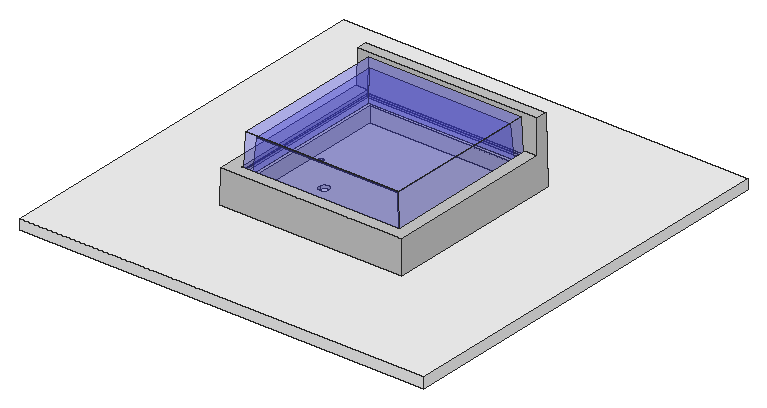
Revit family "BE_24132_de_DE", category Leuchten, Revit 2020
Family settings
  Basisbauteil = Fläche
  Bemaßung runder Anschluss = Durchmesser verwenden
  Teiletyp = Normal
  Beim Laden mit Abzugskörper schneiden = Ja
  Lichtquelle = Ja
  Gemeinsam genutzt = Nein
  Raumberechnungspunkt = Ja
Parameters (values of type "BEGA_24132_Silber_K4")
  built-in parameter 1150104 = 19.826 (stored number, unit not read)
  Wattage = 5.6 W
  Default Elevation = 0 mm
  built-in parameter 1150113 = 1 (stored number, unit not read)
  built-in parameter 1114218 = 1 (stored number, unit not read)
  Umgebungstemperatur = "25 °C"
  URL = "https://www.bega.com/de/produkt/24132"
  Typenkommentare = "© 2022 BEGA. Wir behalten uns das Recht vor, technische Änderungen ohne vorherige Ankündigung vorzunehmen."  # constant formula
  Type Image = 24132.png
  built-in parameter 1150134 = 12
  built-in parameter 1150109 = 1 (stored number, unit not read)
  Strom = ""
  built-in parameter 1150110 = 1 (stored number, unit not read)
  Spannung = 239.996 V
  Sonderanfertigung = no
  Seriennummer [instance] = "Hier können Sie die eindeutige Seriennummer für das Facility Management eintragen."
  Schutzklasse = "I"
  Schutzart = "IP 65"
  Scheinlast = 0 VA
  Produktdatenblatt = "https://cdn.bega.com/bega/products/24132AK4/current/documents/data-sheets/de"
  Oberflächentemperatur = ""
  Neigungswinkel = 0.00°
  Modell = "24132AK4"
  Material_17 = BEGA_Reflektor
  Material_15 = BEGA_Leuchtmedium_matt
  Material_11 = BEGA_Glas_opal
  Material_09 = BEGA_Glas_klar
  Material_06 = BEGA_Oberfläche_Edelstahl_gebürstet
  Material_03 = BEGA_Oberfläche_Weiss_matt
  Material_02 = BEGA_Oberfläche_Silber_matt
  Material_01 [instance] = BEGA_Oberfläche_Grafit_matt
  M_W = no
  M_G = no
  M_A = yes
  Logo = 0
  built-in parameter 1114217 = 1 (stored number, unit not read)
  built-in parameter 1150139 = (empty or 0)
  built-in parameter 1150105 = 95.098 (stored number, unit not read)
  built-in parameter 1150114 = 1 (stored number, unit not read)
  Lumens = 1195.04 lm
  built-in parameter 1150115 = 1 (stored number, unit not read)
  Leuchtenlichtstrom = "588 lm"
  Leuchtenanzahl = ""
  Lebensdauerkriterien = "L70B50 @ 25 °C = 200000 h"
  Lastklassifizierung = Beleuchtung
  built-in parameter 1150112 = 1 (stored number, unit not read)
  Lampenlichtstrom = "1195 lm"
  Lampe = "LED 5.6 W"
  LED_Modulbezeichnung = "LED-0357/840"
  built-in parameter 1150142 = (empty or 0)
  Hersteller = "BEGA"  # constant formula
  Halbstreuwinkel = ""
  Gewicht = "1.8 kg"
  Gebrauchslageneinschränkung [instance] = ""
  Frequenz = "0/50-60 Hz"
  Farbwiedergabeindex = "CRI > 80"
  Farbtemperaturverschiebung bei Dämpfen der Lampe = <Keine Auswahl>
  Farbtemperatur = "4000 K"
  Color Filter = 16777215
  built-in parameter 1150133 = 10 (stored number, unit not read)
  Energieeffizienzklasse = "LED A++ - A"
  built-in parameter 1150137 = (empty or 0)
  built-in parameter 1150132 = (empty or 0)
  ENEC = "ja"
  Datei für fotometrisches Netz = "BE_24132K4.IES"
  CE_Konformität = "ja"
  Bestellnummer = "24132AK4"
  Beschreibung_Sonderanfertigung = "Hier können Sie Informationen zur Sonderanfertigung eintragen."
  Beschreibung = "Wandleuchte"
  built-in parameter 1150106 = 0.95098 (stored number, unit not read)
  Befestigungsbohrung = "Ø 5 mm"
  Befestigungsabstand = "125 mm"
  Ballwurfsicher = ""
  BEGA_Intern_aus = yes
  BEGA_Intern_an = yes
  BEGA_Intern_Konstruktion = yes
  BEGA_Intern = yes
  BEGA_IES = yes
  BEGA_Dummy = no
  Anschlussleitung = ""
  Anschlussleistung [instance] = "6.6 W"
  built-in parameter 1150107 = 4000 (stored number, unit not read)
  built-in parameter 1150102 = (empty or 0)
  built-in parameter 1150138 = (empty or 0)
  Aktualisierung = "2022-05-18T04:00:07"
  Abstand_zur_angestrahlten_Fläche [instance] = ""
  AC/DC = "AC/DC"
Types (4, lengths in mm): name | built-in parameter 1150104 | built-in parameter 1150134 | Modell | M_G | M_A | built-in parameter 1150105 | Lumens | Leuchtenlichtstrom | Lampenlichtstrom | LED_Modulbezeichnung | Farbtemperatur | Datei für fotometrisches Netz | Bestellnummer | built-in parameter 1150106 | built-in parameter 1150107
  BEGA_24132_Silber_K4 | 19.826 (stored number, unit not read) | 12 | "24132AK4" | no | yes | 95.098 (stored number, unit not read) | 1195.04 lm | "588 lm" | "1195 lm" | "LED-0357/840" | "4000 K" | "BE_24132K4.IES" | "24132AK4" | 0.95098 (stored number, unit not read) | 4000 (stored number, unit not read)
  BEGA_24132_Grafit_K3 | 19.324 (stored number, unit not read) | (empty or 0) | "24132K3" | yes | no | 92.692 (stored number, unit not read) | 1164.8 lm | "575 lm" | "1165 lm" | "LED-0357/830" | "3000 K" | "BE_24132K3.IES" | "24132K3" | 0.92692 (stored number, unit not read) | 3000 (stored number, unit not read)
  BEGA_24132_Grafit_K4 | 19.826 (stored number, unit not read) | 12 | "24132K4" | yes | no | 95.098 (stored number, unit not read) | 1195.04 lm | "588 lm" | "1195 lm" | "LED-0357/840" | "4000 K" | "BE_24132K4.IES" | "24132K4" | 0.95098 (stored number, unit not read) | 4000 (stored number, unit not read)
  BEGA_24132_Silber_K3 | 19.324 (stored number, unit not read) | (empty or 0) | "24132AK3" | no | yes | 92.692 (stored number, unit not read) | 1164.8 lm | "575 lm" | "1165 lm" | "LED-0357/830" | "3000 K" | "BE_24132K3.IES" | "24132AK3" | 0.92692 (stored number, unit not read) | 3000 (stored number, unit not read)
Reference planes
  plane 1 "Mitte (Vorne/Hinten)": y = 0
  plane 2: z = 0
  plane 3 "Mitte (Links/Rechts)": x = 0
  plane 4 "Links": x = -90
  plane 5 "Rechts": x = 90
  plane 6 "Unten": y = -90
  plane 7 "Vorne": z = 68.2
  plane 8 "Hinten": z = 0
Forms (mm)
  Extrusion 1, solid, material "BEGA_Platte_Weiss"
    sketch origin (0, -1119.2, 0) x (1, 0, 0) y (0, 1, 0)
      loop
        line (-200, 1319.2) -> (-200, 919.2) -> (200, 919.2) -> (200, 1319.2) -> (-200, 1319.2)
    from 0 to -10
  Extrusion 2, solid, material "BEGA_Dummy_matt", visible <- "BEGA_Dummy"
    sketch origin (80.095, -76.023, 0) x (1, 0, 0) y (0, 1, 0)
      loop
        line (-170.095, 166.023) -> (-170.095, -13.977) -> (9.905, -13.977) -> (9.905, 166.023) -> (-170.095, 166.023)
    from 0 to 68.2
Dimensions and locks
  plane 1 "Mitte (Vorne/Hinten)" to Extrusion 1 = 200 mm
  aligned and locked: plane 2 to Extrusion 1
  aligned and locked: level to Extrusion 1
Nested families
  nested 1: "BE_24132" at (0, 0, 0), type "BE_24132"
Definition of nested family "BE_24132"
  Parameters (values of type "BE_24132")
    Default Elevation = 1 mm
    URL = "http://www.bega.de/de/produkt"
    Type Comments = "© 2015 BEGA. Wir behalten uns das Recht vor, technische Änderungen ohne vorherige Ankündigung vorzunehmen. "  # constant formula
    Type Image = (empty or 0)
    Neigungswinkel_um_Z2 = 0.00°
    Neigungswinkel_um_Z1 = 0.00°
    Neigungswinkel_um_Y2 = 0.00°
    Neigungswinkel_um_Y1 = 0.00°
    Neigungswinkel_um_X2 = 0.00°
    Neigungswinkel_um_X1 = 0.00°
    Material_17 = none
    Material_15 = none
    Material_11 = none
    Material_09 = none
    Material_06 = none
    Material_02 = none
    Material_01 = none
    M_W = yes
    M_G = yes
    M_A = yes
    Länge_Platte = 200 mm  # constant formula
    Höhe_Platte = -10 mm  # constant formula
    Manufacturer = "BEGA"  # constant formula
    Drehwinkel_um_Z2 = 0.00°
    Drehwinkel_um_Z1 = 0.00°
    Breite_Platte = 200 mm  # constant formula
  Reference planes
    plane 1 "Mitte (Oben/Unten)": y = 0
    plane 2: z = 0
    plane 3 "Mitte (Links/Rechts)": x = 0
    plane 4 "Vorne": z = 68.2
    plane 5 "Hinten": z = -20
    plane 6 "Links": x = -90
    plane 7 "Rechts": x = 90
    plane 8 "Oben": y = 90
    plane 9 "Unten": y = -90
  Forms (mm)
    Extrusion 1, solid, detail levels medium
      sketch origin (0, 0, 0) x (1, 0, 0) y (0, 1, 0)
        loop
          line (-100, 100) -> (-100, -100) -> (100, -100) -> (100, 100) -> (-100, 100)
      from 0 to -10 <- "Höhe_Platte"
    Sweep 2, solid, material <- "Material_01", visible <- "M_G"
      path origin (0, 0, 0) x (1, 0, 0) y (0, 1, 0)
        loop
          line (84.3, -84.3) -> (84.3, 84.3) -> (-84.3, 84.3) -> (-84.3, -84.3) -> (84.3, -84.3)
      profile origin (0, -84.3, 0) x (0, -1, 0) y (0, 0, 1)
        loop
          line (5.7, 2.7) -> (5.133, 35.2) -> (-6.45, 35.2) -> (-6.506, 32) -> (-1.242, 32) -> (-0.8, 6.7) -> (2.36, 6.7) -> (2.5, 2.7) -> (5.7, 2.7)
    Sweep 3, solid, material <- "Material_01"
      path origin (0, 0, 0) x (1, 0, 0) y (0, 1, 0)
        loop
          line (84.3, 84.3) -> (-84.3, 84.3) -> (-84.3, -84.3) -> (84.3, -84.3) -> (84.3, 84.3)
      profile origin (0, 84.3, 0) x (0, -1, 0) y (0, 0, 1)
        loop
          line (12.817, 25.5) -> (3.345, 25.5) -> (2.832, 10.8) -> (0.189, 10.8) -> (0, 0) -> (2.4, 0) -> (2.5, 5.7) -> (7.2, 5.7) -> (7.623, 17.8) -> (10.684, 17.8) -> (10.988, 9.1) -> (57.036, 9.1) -> (57.036, 11.5) -> (13.306, 11.5) -> (12.817, 25.5)
    Sweep 4, solid, material <- "Material_11"
      path origin (0, 0, 0) x (1, 0, 0) y (0, 1, 0)
        loop
          line (84.3, 84.3) -> (-84.3, 84.3) -> (-84.3, -84.3) -> (84.3, -84.3) -> (84.3, 84.3)
      profile origin (0, 84.3, 0) x (0, -1, 0) y (0, 0, 1)
        loop
          line (7.3, 32) -> (2.8, 32) -> (2.8, 27) -> (12.541, 27) -> (14.281, 60.2) -> (29.968, 60.2) -> (29.968, 65.7) -> (8.477, 65.7) -> (7.3, 32)
    Extrusion 5, solid, material <- "Material_11"
      sketch origin (0, 0, 0) x (1, 0, 0) y (0, 1, 0)
        loop
          line (-54.332, 54.332) -> (-54.332, -54.332) -> (54.332, -54.332) -> (54.332, 54.332) -> (-54.332, 54.332)
      from 60.2 to 65.7
    Extrusion 6, solid, material <- "Material_01", visible <- "M_G"
      sketch origin (0, 0, 0) x (0, 1, 0) y (0, 0, 1)
        loop
          line (77.85, 35.2) -> (89.433, 35.2) -> (88.857, 68.2) -> (78.426, 68.2) -> (77.85, 35.2)
      from -92.553 to 93.675
    Sweep 7, solid, material <- "Material_02"
      path origin (0, 0, 0) x (1, 0, 0) y (0, 1, 0)
        loop
          line (84.3, -84.3) -> (84.3, 84.3) -> (-84.3, 84.3) -> (-84.3, -84.3) -> (84.3, -84.3)
      profile origin (0, -84.3, 0) x (0, -1, 0) y (0, 0, 1)
        loop
          line (5.7, 2.7) -> (5.133, 35.2) -> (-6.45, 35.2) -> (-6.506, 32) -> (-1.242, 32) -> (-0.8, 6.7) -> (2.36, 6.7) -> (2.5, 2.7) -> (5.7, 2.7)
    Extrusion 8, solid, material <- "Material_02"
      sketch origin (0, 0, 0) x (0, 1, 0) y (0, 0, 1)
        loop
          line (77.85, 35.2) -> (89.433, 35.2) -> (88.857, 68.2) -> (78.426, 68.2) -> (77.85, 35.2)
      from -92.553 to 93.675
    Extrusion 9, void
      sketch origin (0, 0, 0) x (1, 0, 0) y (0, 0, 1)
        loop
          line (-88.829, 69.782) -> (-100, 69.782) -> (-100, 29.782) -> (-89.527, 29.782) -> (-88.829, 69.782)
        loop
          line (88.829, 69.782) -> (89.527, 29.782) -> (100, 29.782) -> (100, 69.782) -> (88.829, 69.782)
      from -93.439 to -75.3
    Extrusion 10, solid, material <- "Material_01"
      sketch origin (0, 0, 0) x (1, 0, 0) y (0, 1, 0)
        loop
          line (-27.264, 27.264) -> (-27.264, -27.264) -> (27.264, -27.264) -> (27.264, 27.264) -> (-27.264, 27.264)
      from 9.1 to 11.5
    Sweep 11, solid, material <- "Material_02", visible <- "M_A"
      path origin (0, 0, 0) x (1, 0, 0) y (0, 1, 0)
        loop
          line (84.3, 84.3) -> (-84.3, 84.3) -> (-84.3, -84.3) -> (84.3, -84.3) -> (84.3, 84.3)
      profile origin (0, 84.3, 0) x (0, -1, 0) y (0, 0, 1)
        loop
          line (12.817, 25.5) -> (3.345, 25.5) -> (2.832, 10.8) -> (0.189, 10.8) -> (0, 0) -> (2.4, 0) -> (2.5, 5.7) -> (7.2, 5.7) -> (7.623, 17.8) -> (10.684, 17.8) -> (10.988, 9.1) -> (57.036, 9.1) -> (57.036, 11.5) -> (13.306, 11.5) -> (12.817, 25.5)
    Extrusion 12, solid, material <- "Material_02", visible <- "M_A"
      sketch origin (0, 0, 0) x (1, 0, 0) y (0, 1, 0)
        loop
          line (-27.264, 27.264) -> (-27.264, -27.264) -> (27.264, -27.264) -> (27.264, 27.264) -> (-27.264, 27.264)
      from 9.1 to 11.5
    Extrusion 13, void
      sketch origin (0, 0, 0) x (1, 0, 0) y (0, 1, 0)
        loop
          circle (-33, -32) r 5.001
        loop
          circle (-33, -57) r 5.001
      from 5.7 to 14.3
    Extrusion 14, void
      sketch origin (0, 0, 0) x (1, 0, 0) y (0, 1, 0)
        loop
          circle (62.5, 0) r 3.044
        loop
          circle (-62.5, 0) r 3.044
      from 0 to 17.8
  Cuts and joins
    Extrusion 13, Extrusion 14 cuts Sweep 4
    Extrusion 13, Extrusion 14 cuts Extrusion 5
    joined: Sweep 4, Extrusion 5
    Extrusion 9 cuts Sweep 2
    Extrusion 9 cuts Extrusion 6
    joined: Sweep 2, Extrusion 6
    Extrusion 9 cuts Sweep 7
    Extrusion 9 cuts Extrusion 8
    joined: Sweep 7, Extrusion 8
    Extrusion 13, Extrusion 14 cuts Sweep 3
    Extrusion 13, Extrusion 14 cuts Extrusion 10
    joined: Sweep 3, Extrusion 10
    Extrusion 13, Extrusion 14 cuts Sweep 11
    Extrusion 13, Extrusion 14 cuts Extrusion 12
    joined: Sweep 11, Extrusion 12
  Dimensions and locks
    equal spacing: Extrusion 1 sketch curve, plane 3 "Mitte (Links/Rechts)", Extrusion 1 sketch curve
    equal spacing: Extrusion 1 sketch curve, plane 1 "Mitte (Oben/Unten)", Extrusion 1 sketch curve
    "Länge_Platte": Extrusion 1 sketch curve to Extrusion 1 sketch curve
    "Breite_Platte": Extrusion 1 sketch curve to Extrusion 1 sketch curve
    aligned and locked: plane 2 to Extrusion 1
    aligned and locked: level to Extrusion 1
  Automatic sketch dimensions
    Sweep 2 sketch curve to plane 3 "Mitte (Links/Rechts)" = 84.3 mm
    plane 3 "Mitte (Links/Rechts)" to Sweep 2 sketch curve = 84.3 mm
    Sweep 2 sketch curve to plane 1 "Mitte (Oben/Unten)" = 84.3 mm
    plane 1 "Mitte (Oben/Unten)" to Sweep 2 sketch curve = 84.3 mm
    profile plane to Sweep 2 sketch curve = 6.506 mm
    profile plane to Sweep 2 sketch curve = 1.242 mm
    profile plane to Sweep 2 sketch curve = 0.8 mm
    Sweep 2 sketch curve to profile plane = 2.36 mm
    Sweep 2 sketch curve to profile plane = 2.5 mm
    Sweep 2 sketch curve to profile plane = 5.133 mm
    level to Sweep 2 sketch curve = 2.7 mm
    Sweep 2 sketch curve to Sweep 2 sketch curve = 3.2 mm  (x2)
    Sweep 2 sketch curve to Sweep 2 sketch curve = 4 mm
    Sweep 2 sketch curve to Sweep 2 sketch curve = 25.3 mm
    Sweep 2 sketch curve to Sweep 2 sketch curve = 0.056 mm
    plane 3 "Mitte (Links/Rechts)" to Sweep 3 sketch curve = 84.3 mm
    Sweep 3 sketch curve to plane 3 "Mitte (Links/Rechts)" = 84.3 mm
    Sweep 3 sketch curve to plane 1 "Mitte (Oben/Unten)" = 84.3 mm
    plane 1 "Mitte (Oben/Unten)" to Sweep 3 sketch curve = 84.3 mm
    Sweep 3 sketch curve to level = 0 mm
    Sweep 3 sketch curve to profile plane = 0 mm
    Sweep 3 sketch curve to profile plane = 0.189 mm
    Sweep 3 sketch curve to profile plane = 2.4 mm
    Sweep 3 sketch curve to profile plane = 2.5 mm
    Sweep 3 sketch curve to Sweep 3 sketch curve = 2.644 mm
    Sweep 3 sketch curve to profile plane = 3.345 mm
    Sweep 3 sketch curve to Sweep 3 sketch curve = 4.7 mm
    Sweep 3 sketch curve to profile plane = 7.623 mm
    Sweep 3 sketch curve to Sweep 3 sketch curve = 3.061 mm
    Sweep 3 sketch curve to Sweep 3 sketch curve = 3.788 mm
    Sweep 3 sketch curve to Sweep 3 sketch curve = 2.133 mm
    Sweep 3 sketch curve to Sweep 3 sketch curve = 2.318 mm
    level to Sweep 3 sketch curve = 11.5 mm
    Sweep 3 sketch curve to Sweep 3 sketch curve = 43.73 mm
    level to Sweep 3 sketch curve = 5.7 mm
    Sweep 3 sketch curve to Sweep 3 sketch curve = 2.4 mm
    Sweep 3 sketch curve to Sweep 3 sketch curve = 5.1 mm
    Sweep 3 sketch curve to Sweep 3 sketch curve = 6.3 mm
    Sweep 3 sketch curve to Sweep 3 sketch curve = 7.7 mm
    Sweep 4 sketch curve to plane 3 "Mitte (Links/Rechts)" = 84.3 mm
    plane 3 "Mitte (Links/Rechts)" to Sweep 4 sketch curve = 84.3 mm
    plane 1 "Mitte (Oben/Unten)" to Sweep 4 sketch curve = 84.3 mm
    Sweep 4 sketch curve to plane 1 "Mitte (Oben/Unten)" = 84.3 mm
    Sweep 4 sketch curve to profile plane = 12.541 mm
    level to Sweep 4 sketch curve = 27 mm
    Sweep 4 sketch curve to profile plane = 8.477 mm
    Sweep 4 sketch curve to profile plane = 2.8 mm
    Sweep 4 sketch curve to Sweep 4 sketch curve = 4.5 mm
    Sweep 4 sketch curve to Sweep 4 sketch curve = 5.804 mm
    Sweep 4 sketch curve to Sweep 4 sketch curve = 15.686 mm
    Sweep 4 sketch curve to Sweep 4 sketch curve = 5 mm
    Sweep 4 sketch curve to Sweep 4 sketch curve = 28.2 mm
    Sweep 4 sketch curve to Sweep 4 sketch curve = 5.5 mm
    Extrusion 5 sketch curve to plane 3 "Mitte (Links/Rechts)" = 54.332 mm
    plane 3 "Mitte (Links/Rechts)" to Extrusion 5 sketch curve = 54.332 mm
    plane 1 "Mitte (Oben/Unten)" to Extrusion 5 sketch curve = 54.332 mm
    Extrusion 5 sketch curve to plane 1 "Mitte (Oben/Unten)" = 54.332 mm
    Extrusion 6 sketch curve to plane 1 "Mitte (Oben/Unten)" = 77.85 mm
    Extrusion 6 sketch curve to Extrusion 6 sketch curve = 0.576 mm
    Extrusion 6 sketch curve to Extrusion 6 sketch curve = 10.431 mm
    Extrusion 6 sketch curve to Extrusion 6 sketch curve = 11.583 mm
    level to Extrusion 6 sketch curve = 35.2 mm
    Extrusion 6 sketch curve to Extrusion 6 sketch curve = 33 mm
    Sweep 7 sketch curve to plane 3 "Mitte (Links/Rechts)" = 84.3 mm
    plane 3 "Mitte (Links/Rechts)" to Sweep 7 sketch curve = 84.3 mm
    plane 1 "Mitte (Oben/Unten)" to Sweep 7 sketch curve = 84.3 mm
    Sweep 7 sketch curve to plane 1 "Mitte (Oben/Unten)" = 84.3 mm
    profile plane to Sweep 7 sketch curve = 6.506 mm
    Sweep 7 sketch curve to Sweep 7 sketch curve = 0.056 mm
    profile plane to Sweep 7 sketch curve = 1.242 mm
    profile plane to Sweep 7 sketch curve = 0.8 mm
    Sweep 7 sketch curve to profile plane = 2.36 mm
    Sweep 7 sketch curve to profile plane = 2.5 mm
    Sweep 7 sketch curve to profile plane = 5.133 mm
    level to Sweep 7 sketch curve = 2.7 mm
    Sweep 7 sketch curve to Sweep 7 sketch curve = 3.2 mm  (x2)
    Sweep 7 sketch curve to Sweep 7 sketch curve = 4 mm
    Sweep 7 sketch curve to Sweep 7 sketch curve = 25.3 mm
    level to Extrusion 8 sketch curve = 35.2 mm
    Extrusion 8 sketch curve to plane 1 "Mitte (Oben/Unten)" = 77.85 mm
    Extrusion 8 sketch curve to Extrusion 8 sketch curve = 0.576 mm
    Extrusion 8 sketch curve to Extrusion 8 sketch curve = 10.431 mm
    Extrusion 8 sketch curve to Extrusion 8 sketch curve = 11.583 mm
    Extrusion 8 sketch curve to Extrusion 8 sketch curve = 33 mm
    Extrusion 9 sketch curve to plane 3 "Mitte (Links/Rechts)" = 100 mm
    level to Extrusion 9 sketch curve = 29.782 mm  (x2)
    Extrusion 9 sketch curve to Extrusion 9 sketch curve = 10.473 mm  (x2)
    Extrusion 9 sketch curve to Extrusion 9 sketch curve = 11.171 mm
    plane 3 "Mitte (Links/Rechts)" to Extrusion 9 sketch curve = 88.829 mm
    Extrusion 9 sketch curve to Extrusion 9 sketch curve = 0.698 mm
    Extrusion 9 sketch curve to Extrusion 9 sketch curve = 40 mm  (x2)
    Extrusion 10 sketch curve to plane 3 "Mitte (Links/Rechts)" = 27.264 mm
    plane 3 "Mitte (Links/Rechts)" to Extrusion 10 sketch curve = 27.264 mm
    plane 1 "Mitte (Oben/Unten)" to Extrusion 10 sketch curve = 27.264 mm
    Extrusion 10 sketch curve to plane 1 "Mitte (Oben/Unten)" = 27.264 mm
    Sweep 11 sketch curve to plane 3 "Mitte (Links/Rechts)" = 84.3 mm
    plane 3 "Mitte (Links/Rechts)" to Sweep 11 sketch curve = 84.3 mm
    plane 1 "Mitte (Oben/Unten)" to Sweep 11 sketch curve = 84.3 mm
    Sweep 11 sketch curve to plane 1 "Mitte (Oben/Unten)" = 84.3 mm
    Sweep 11 sketch curve to level = 0 mm
    Sweep 11 sketch curve to profile plane = 0 mm
    Sweep 11 sketch curve to profile plane = 0.189 mm
    Sweep 11 sketch curve to profile plane = 2.4 mm
    Sweep 11 sketch curve to profile plane = 2.5 mm
    Sweep 11 sketch curve to Sweep 11 sketch curve = 2.644 mm
    Sweep 11 sketch curve to profile plane = 3.345 mm
    Sweep 11 sketch curve to Sweep 11 sketch curve = 4.7 mm
    Sweep 11 sketch curve to profile plane = 7.623 mm
    Sweep 11 sketch curve to Sweep 11 sketch curve = 3.061 mm
    Sweep 11 sketch curve to Sweep 11 sketch curve = 3.788 mm
    Sweep 11 sketch curve to Sweep 11 sketch curve = 2.133 mm
    Sweep 11 sketch curve to Sweep 11 sketch curve = 2.318 mm
    level to Sweep 11 sketch curve = 11.5 mm
    Sweep 11 sketch curve to Sweep 11 sketch curve = 43.73 mm
    level to Sweep 11 sketch curve = 5.7 mm
    Sweep 11 sketch curve to Sweep 11 sketch curve = 2.4 mm
    Sweep 11 sketch curve to Sweep 11 sketch curve = 5.1 mm
    Sweep 11 sketch curve to Sweep 11 sketch curve = 6.3 mm
    Sweep 11 sketch curve to Sweep 11 sketch curve = 7.7 mm
    Extrusion 12 sketch curve to plane 3 "Mitte (Links/Rechts)" = 27.264 mm
    plane 3 "Mitte (Links/Rechts)" to Extrusion 12 sketch curve = 27.264 mm
    plane 1 "Mitte (Oben/Unten)" to Extrusion 12 sketch curve = 27.264 mm
    Extrusion 12 sketch curve to plane 1 "Mitte (Oben/Unten)" = 27.264 mm
    Extrusion 13 sketch curve to plane 3 "Mitte (Links/Rechts)" = 33 mm
    Extrusion 13 sketch curve to Extrusion 13 sketch curve = 0 mm
    plane 1 "Mitte (Oben/Unten)" to Extrusion 13 sketch curve = 57 mm
    Extrusion 13 sketch curve to Extrusion 13 sketch curve = 25 mm
    plane 1 "Mitte (Oben/Unten)" to Extrusion 14 sketch curve = 0 mm  (x2)
    plane 6 "Links" to Extrusion 14 sketch curve = 27.5 mm
    Extrusion 14 sketch curve to plane 7 "Rechts" = 27.5 mm
    radius of Extrusion 13 sketch curve = 5.001 mm  (x2)
    radius of Extrusion 14 sketch curve = 3.044 mm  (x2)
